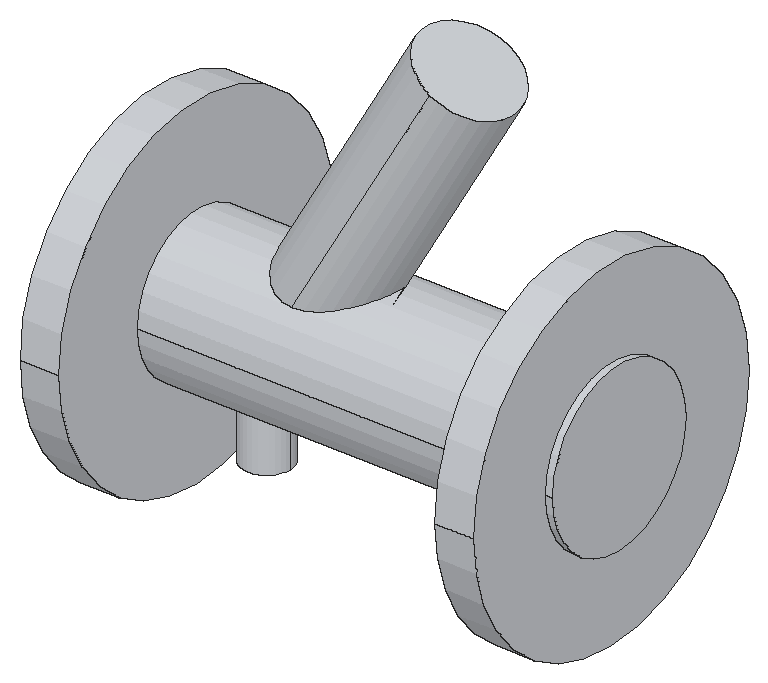
Revit family "HS 821-síto_standard-PN25-DN015-RFA_2018", category Pipe Accessories, Revit 2018
Family settings
  Round Connector Dimension = Use Diameter
  Part Type = Breaks Into
  Work Plane-Based = No
  Always vertical = Yes
  Cut with Voids When Loaded = No
  Shared = No
Parameters (values of type "821D-DN015-PN25-síto_standard")
  magiProductId = "27ddcbf555414f8ca1fde329bf9087"
  magiProductFamilyId = "79214ac3aaa945e397802f559f5c1e"
  magiPartTypeId = 307
  isMeasuringValve [instance] = no
  ang2D [instance] = 0.00°
  ZB__ve = -ZB  # -16.25 mm
  ZB1 = 18.63 mm
  ZB = 16.25 mm
  X2 = 46.982 mm
  X1 = 18.2 mm
  W2D = 15 mm
  VersionID = "2.0/2017.9.26.1/ZETKAMA_821_001"
  Use Minimum Symbol Size [instance] = yes
  URL = "www.hydronic.cz"
  Type Comments = "Filtr přírubový; síto standardní; A-PN16 (-10~300°C); D-PN25 (-10~350°C); F-PN40 (-10~400°C)"
  S = 46 mm
  QmdConnectorList = "301;D;302;D"
  Productdata [instance] = ""
  Manufacturer = "Hydronic Systems Prague s.r.o."
  MC Product Code = "200 215 (821D; DN015; PN25; kvs6,3; oko síta 1,00mm)"
  LM1 = 10.4 mm
  LM = 104 mm
  L4 = 32.5 mm
  L2D_Min = 3048 mm
  L2D = 130 mm
  L2 = 65 mm
  HH2 = 81.375 mm
  FD = 95 mm
  Description = "Filtr přírubový; síto standardní; 821A-PN16; 821D-PN25; 821F-PN40"
  DM1 = 27.6 mm
  DM = 41.4 mm
  D = 15 mm
  CC = 2.21 mm
  CAT0 = yes
  C1 = 10.79 mm
  C = 13 mm
  BD = 13.041 mm
Types (40, lengths in mm): name | magiProductId | ZB__ve | ZB1 | ZB | X2 | X1 | S | MC Product Code | LM1 | LM | L4 | L2 | HH2 | FD | DM1 | DM | D | CC | C1 | C | BD
  821A-DN015-PN16-síto_standard | "a71bcfe8b393460598b23e8ddf7dc5" | -16.25 | 18.63 | 16.25 | 46.982 | 18.2 | 46 | "200 115 (821A; DN015; PN16; kvs6,3; oko síta 1,00mm)" | 10.4 | 104 | 32.5 | 65 | 81.375 | 95 | 27.6 | 41.4 | 15 | 2.21 | 10.79 | 13 | 13.041
  821A-DN020-PN16-síto_standard | "41cd6c7a12924f4991217528336076" | -17.75 | 22.68 | 17.75 | 51.673 | 21 | 56 | "200 120 (821A; DN020; PN16; kvs11,2; oko síta 1,00mm)" | 12 | 120 | 37.5 | 75 | 89.5 | 105 | 33.6 | 50.4 | 20 | 2.55 | 12.45 | 15 | 15.876
  821A-DN025-PN16-síto_standard | "be378b463ed14c3abf4c9b3ae8cf3a" | -19.25 | 26.325 | 19.25 | 58.601 | 22.4 | 65 | "200 125 (821A; DN025; PN16; kvs14,7; oko síta 1,00mm)" | 12.8 | 128 | 40 | 80 | 101.5 | 115 | 43.2 | 58.5 | 25 | 2.72 | 13.28 | 16 | 18.427
  821A-DN032-PN16-síto_standard | "227a0d18b21540afabe8b6067d35fa" | -23 | 30.78 | 23 | 68.849 | 25.2 | 76 | "200 132 (821A; DN032; PN16; kvs23,7; oko síta 1,00mm)" | 14.4 | 144 | 45 | 90 | 119.25 | 140 | 50.4 | 68.4 | 32 | 3.06 | 14.94 | 18 | 21.546
  821A-DN040-PN16-síto_standard | "d106917c74724141a10440112d0102" | -24.5 | 34.02 | 24.5 | 75.777 | 28 | 84 | "200 140 (821A; DN040; PN16; kvs37,7; oko síta 1,00mm)" | 16 | 160 | 50 | 100 | 131.25 | 150 | 60 | 75.6 | 40 | 3.4 | 16.6 | 20 | 23.814
  821A-DN050-PN16-síto_standard | "8255d456a09e4f6486734f5dd9171b" | -26.75 | 40.095 | 26.75 | 79.061 | 32.2 | 99 | "200 150 (821A; DN050 PN16; kvs57,9; oko síta 1,00mm)" | 18.4 | 184 | 57.5 | 115 | 136.938 | 165 | 73.8 | 89.1 | 50 | 3.91 | 19.09 | 23 | 28.066
  821A-DN065-PN16-síto_standard | "235b1b3e4c0843779a4d5e3716d40a" | -29.75 | 47.79 | 29.75 | 86.927 | 40.6 | 118 | "200 165 (821A; DN065; PN16; kvs101,5; oko síta 1,25mm)" | 23.2 | 232 | 72.5 | 145 | 150.562 | 185 | 94.2 | 106.2 | 65 | 4.93 | 24.07 | 29 | 33.453
  821A-DN080-PN16-síto_standard | "a067f7c5236348ed8c820d16df7214" | -32 | 53.46 | 32 | 104.753 | 43.4 | 132 | "200 180 (821A; DN080; PN16; kvs147,4; oko síta 1,25mm)" | 24.8 | 248 | 77.5 | 155 | 181.438 | 200 | 107.4 | 118.8 | 80 | 5.27 | 25.73 | 31 | 37.422
  821A-DN100-PN16-síto_standard | "c49a648c2747461285837d643703cd" | -35 | 63.18 | 35 | 114.857 | 49 | 156 | "200 190 (821A; DN100; PN16; kvs209,6; oko síta 1,60mm)" | 28 | 280 | 87.5 | 175 | 198.937 | 220 | 131.4 | 140.4 | 100 | 5.95 | 29.05 | 35 | 44.226
  821A-DN125-PN16-síto_standard | "bf68e728a163493cbd2a663b26ebdc" | -39.5 | 74.52 | 39.5 | 131.888 | 56 | 184 | "200 191 (821A; DN125; PN16; kvs326,2; oko síta 1,60mm)" | 32 | 320 | 100 | 200 | 228.438 | 250 | 165 | 165.6 | 125 | 6.8 | 33.2 | 40 | 52.164
  821A-DN150-PN16-síto_standard | "2de770284b654863ae6bc865769dc5" | -44.75 | 85.455 | 44.75 | 155.885 | 67.2 | 211 | "200 192 (821A; DN150; PN16; kvs403; oko síta 1,60mm)" | 38.4 | 384 | 120 | 240 | 270 | 285 | 192 | 189.9 | 150 | 8.16 | 39.84 | 48 | 59.818
  821A-DN200-PN16-síto_standard | "8e5693371ab64aabb29a7f08c76e15" | -53 | 107.73 | 53 | 188.361 | 84 | 266 | "200 193 (821A; DN200; PN16; kvs707; oko síta 1,60mm)" | 48 | 480 | 150 | 300 | 326.25 | 340 | 252 | 239.4 | 200 | 10.2 | 49.8 | 60 | 75.411
  821A-DN250-PN16-síto_standard | "05e37ed948c34047acdd4c42556504" | -62.75 | 129.195 | 62.75 | 255.911 | 102.2 | 319 | "200 194 (821A; DN250; PN16; kvs1234; oko síta 1,60mm)" | 58.4 | 584 | 182.5 | 365 | 443.25 | 405 | 309.6 | 287.1 | 250 | 12.41 | 60.59 | 73 | 90.436
  821A-DN300-PN16-síto_standard | "9ad0af747269428da925480d83ce80" | -71 | 149.85 | 71 | 325.914 | 119 | 370 | "200 195 (821A; DN300; PN16; kvs1916; oko síta 1,60mm)" | 68 | 680 | 212.5 | 425 | 564.5 | 460 | 369.6 | 333 | 300 | 14.45 | 70.55 | 85 | 104.895
  821A-DN350-PN16-síto_standard | "eebc71459bb3451bb4355e7951370a" | -80 | 173.745 | 80 | 356.875 | 137.2 | 429 | "200 196 (821A; DN350; PN16; kvs2621; oko síta 1,60mm)" | 78.4 | 784 | 245 | 490 | 618.125 | 520 | 438 | 386.1 | 350 | 16.66 | 81.34 | 98 | 121.621
  821A-DN400-PN16-síto_standard | "d2f677cb196647e385b2590e7d8abe" | -89 | 194.4 | 89 | 392.237 | 154 | 480 | "200 197 (821A; DN400; PN16; kvs3460; oko síta 1,60mm)" | 88 | 880 | 275 | 550 | 679.375 | 580 | 498 | 432 | 400 | 18.7 | 91.3 | 110 | 136.08
  821D-DN015-PN25-síto_standard | "27ddcbf555414f8ca1fde329bf9087" | -16.25 | 18.63 | 16.25 | 46.982 | 18.2 | 46 | "200 215 (821D; DN015; PN25; kvs6,3; oko síta 1,00mm)" | 10.4 | 104 | 32.5 | 65 | 81.375 | 95 | 27.6 | 41.4 | 15 | 2.21 | 10.79 | 13 | 13.041
  821D-DN020-PN25-síto_standard | "270e0f14012f47189cd0235c18faee" | -17.75 | 22.68 | 17.75 | 51.673 | 21 | 56 | "200 220 (821D; DN020; PN25; kvs11,2; oko síta 1,00mm)" | 12 | 120 | 37.5 | 75 | 89.5 | 105 | 33.6 | 50.4 | 20 | 2.55 | 12.45 | 15 | 15.876
  821D-DN025-PN25-síto_standard | "b9a7fb4aa36643878c637d8e1ab992" | -19.25 | 26.325 | 19.25 | 58.601 | 22.4 | 65 | "200 225 (821D; DN025; PN25; kvs14,7; oko síta 1,00mm)" | 12.8 | 128 | 40 | 80 | 101.5 | 115 | 43.2 | 58.5 | 25 | 2.72 | 13.28 | 16 | 18.427
  821D-DN032-PN25-síto_standard | "6be9a55c4e68400f94eec7e804204c" | -23 | 30.78 | 23 | 68.849 | 25.2 | 76 | "200 232 (821D; DN032; PN25; kvs23,7; oko síta 1,00mm)" | 14.4 | 144 | 45 | 90 | 119.25 | 140 | 50.4 | 68.4 | 32 | 3.06 | 14.94 | 18 | 21.546
  821D-DN040-PN25-síto_standard | "c54511bd7f584ec2984291479612cb" | -24.5 | 34.02 | 24.5 | 75.777 | 28 | 84 | "200 240 (821D; DN040; PN25; kvs37,7; oko síta 1,00mm)" | 16 | 160 | 50 | 100 | 131.25 | 150 | 60 | 75.6 | 40 | 3.4 | 16.6 | 20 | 23.814
  821D-DN050-PN25-síto_standard | "5483b1f596b04cd39b23a14a22c90e" | -26.75 | 40.095 | 26.75 | 79.061 | 32.2 | 99 | "200 250 (821D; DN050; PN25; kvs57,9; oko síta 1,00mm)" | 18.4 | 184 | 57.5 | 115 | 136.938 | 165 | 73.8 | 89.1 | 50 | 3.91 | 19.09 | 23 | 28.066
  821D-DN065-PN25-síto_standard | "767b0f8318e94750bc7a9930ed5b30" | -29.75 | 47.79 | 29.75 | 86.927 | 40.6 | 118 | "200 265 (821D; DN065; PN25; kvs101,5; oko síta 1,25mm)" | 23.2 | 232 | 72.5 | 145 | 150.562 | 185 | 94.2 | 106.2 | 65 | 4.93 | 24.07 | 29 | 33.453
  821D-DN080-PN25-síto_standard | "e21040fa3cc2404b858198f6b73709" | -32 | 53.46 | 32 | 104.753 | 43.4 | 132 | "200 280 (821D; DN080; PN25; kvs147,4; oko síta 1,25mm)" | 24.8 | 248 | 77.5 | 155 | 181.438 | 200 | 107.4 | 118.8 | 80 | 5.27 | 25.73 | 31 | 37.422
  821D-DN100-PN25-síto_standard | "175ca87a506b40b3bc6b82f12f33cf" | -37.25 | 63.18 | 37.25 | 114.857 | 49 | 156 | "200 290 (821D; DN100; PN25; kvs209,6; oko síta 1,60mm)" | 28 | 280 | 87.5 | 175 | 198.937 | 235 | 131.4 | 140.4 | 100 | 5.95 | 29.05 | 35 | 44.226
  821D-DN125-PN25-síto_standard | "77cc98d60da24855999a22dff726b2" | -42.5 | 74.52 | 42.5 | 131.888 | 56 | 184 | "200 291 (821D; DN125; PN25; kvs326,2; oko síta 1,60mm)" | 32 | 320 | 100 | 200 | 228.438 | 270 | 165 | 165.6 | 125 | 6.8 | 33.2 | 40 | 52.164
  821D-DN150-PN25-síto_standard | "9cf8acfcd15547d68e83172d3abcbe" | -47 | 85.455 | 47 | 155.885 | 67.2 | 211 | "200 292 (821D; DN150; PN25; kvs403; oko síta 1,60mm)" | 38.4 | 384 | 120 | 240 | 270 | 300 | 192 | 189.9 | 150 | 8.16 | 39.84 | 48 | 59.818
  821D-DN200-PN25-síto_standard | "16973f3c9ea14389ba8602495a6b64" | -56 | 110.97 | 56 | 188.361 | 84 | 274 | "200 293 (821D; DN200; PN25; kvs707; oko síta 1,60mm)" | 48 | 480 | 150 | 300 | 326.25 | 360 | 252 | 246.6 | 200 | 10.2 | 49.8 | 60 | 77.679
  821F-DN015-PN40-síto_standard | "4c7eaf3c4c0340888b3e684d8a8616" | -16.25 | 18.225 | 16.25 | 46.982 | 18.2 | 45 | "240 615 (821F; DN015; PN40; kvs6,3; oko síta 1,00mm)" | 10.4 | 104 | 32.5 | 65 | 81.375 | 95 | 27.6 | 40.5 | 15 | 2.21 | 10.79 | 13 | 12.757
  821F-DN020-PN40-síto_standard | "aaac5f1ec96b44d6ba96ac2293d66d" | -17.75 | 23.49 | 17.75 | 51.673 | 21 | 58 | "240 620 (821F; DN020; PN40; kvs11,2; oko síta 1,00mm)" | 12 | 120 | 37.5 | 75 | 89.5 | 105 | 33.6 | 52.2 | 20 | 2.55 | 12.45 | 15 | 16.443
  821F-DN025-PN40-síto_standard | "504768023968471481789485b54c7e" | -19.25 | 27.54 | 19.25 | 58.601 | 22.4 | 68 | "240 625 (821F; DN025; PN40; kvs14,7; oko síta 1,00mm)" | 12.8 | 128 | 40 | 80 | 101.5 | 115 | 43.2 | 61.2 | 25 | 2.72 | 13.28 | 16 | 19.278
  821F-DN032-PN40-síto_standard | "165e7f39cf744f329bdf1c400dad12" | -23 | 31.59 | 23 | 68.849 | 25.2 | 78 | "240 632 (821F; DN032; PN40; kvs23,7; oko síta 1,00mm)" | 14.4 | 144 | 45 | 90 | 119.25 | 140 | 50.4 | 70.2 | 32 | 3.06 | 14.94 | 18 | 22.113
  821F-DN040-PN40-síto_standard | "b8903f952089408fbf3a5a632bab1f" | -24.5 | 35.64 | 24.5 | 75.777 | 28 | 88 | "240 640 (821F; DN040; PN40; kvs37,7; oko síta 1,00mm)" | 16 | 160 | 50 | 100 | 131.25 | 150 | 60 | 79.2 | 40 | 3.4 | 16.6 | 20 | 24.948
  821F-DN050-PN40-síto_standard | "c451f97266fe48da8f879cb6a2bd44" | -26.75 | 41.31 | 26.75 | 79.061 | 32.2 | 102 | "240 650 (821F; DN050; PN40; kvs57,9; oko síta 1,00mm)" | 18.4 | 184 | 57.5 | 115 | 136.938 | 165 | 73.8 | 91.8 | 50 | 3.91 | 19.09 | 23 | 28.917
  821F-DN065-PN40-síto_standard | "dc9821e3f9b34e128f6a8c6b34c198" | -29.75 | 49.41 | 29.75 | 86.927 | 40.6 | 122 | "240 665 (821F; DN065; PN40; kvs101,5; oko síta 1,25mm)" | 23.2 | 232 | 72.5 | 145 | 150.562 | 185 | 94.2 | 109.8 | 65 | 4.93 | 24.07 | 29 | 34.587
  821F-DN080-PN40-síto_standard | "689aa1e260f84cf4994f027a1d86b5" | -32 | 55.89 | 32 | 104.753 | 43.4 | 138 | "240 680 (821F; DN080; PN40; kvs147,4; oko síta 1,25mm)" | 24.8 | 248 | 77.5 | 155 | 181.438 | 200 | 107.4 | 124.2 | 80 | 5.27 | 25.73 | 31 | 39.123
  821F-DN100-PN40-síto_standard | "8a45d4e8e2ab425f8c432f21d684f3" | -37.25 | 65.61 | 37.25 | 114.857 | 49 | 162 | "240 690 (821F; DN100; PN40; kvs209,6; oko síta 1,6mm)" | 28 | 280 | 87.5 | 175 | 198.937 | 235 | 131.4 | 145.8 | 100 | 5.95 | 29.05 | 35 | 45.927
  821F-DN125-PN40-síto_standard | "cf073904c006406b8645afa67ea2fc" | -42.5 | 76.14 | 42.5 | 131.888 | 56 | 188 | "240 691 (821F; DN125; PN40; kvs326,2; oko síta 1,6mm)" | 32 | 320 | 100 | 200 | 228.438 | 270 | 165 | 169.2 | 125 | 6.8 | 33.2 | 40 | 53.298
  821F-DN150-PN40-síto_standard | "0153b9ddabe14992a630484929fdbc" | -47 | 88.29 | 47 | 155.885 | 67.2 | 218 | "240 692 (821F; DN150; PN40; kvs403; oko síta 1,6mm)" | 38.4 | 384 | 120 | 240 | 270 | 300 | 192 | 196.2 | 150 | 8.16 | 39.84 | 48 | 61.803
  821F-DN200-PN40-síto_standard | "7fb3fc01dd8d42428c203e3f8dd4d5" | -56 | 115.425 | 56 | 188.361 | 84 | 285 | "240 693 (821F; DN200; PN40; kvs707; oko síta 1,6mm)" | 48 | 480 | 150 | 300 | 326.25 | 360 | 252 | 256.5 | 200 | 10.2 | 49.8 | 60 | 80.797
Reference planes
  plane 1 "Center (Front/Back)": y = 0
  plane 2 "XYPLANE": z = 0
  plane 3 "Center (Left/Right)": x = 0
  plane 4 "109": x = -41.6
  plane 5 "108": x = 52
  plane 6 "107": x = -52
  plane 7 "105": x = 65
  plane 8 "104": x = -65
  plane 9 "103": y = 0
  plane 10 "102": z = 0
  plane 11 "101": x = -62.79
  plane 12 "100": x = 62.79
  plane 13 "11": x = -23.4
  plane 14 "10": z = 81.375
  plane 15 "9": x = 23.582
  plane 16 "5": z = -18.63
  plane 17 "4": x = -32.5
  plane 18 "1": x = 32.5
Forms (mm)
  Extrusion 1, solid, visible <- "CAT0"
    sketch origin (-52, -750, 0) x (0, 1, 0) y (0, 0, 1)
      loop
        circle (750, 0) r 20.7
    from 0 to 104 <- "LM"
  Extrusion 2, solid
    sketch origin (-65, -750, 0) x (0, 1, 0) y (0, 0, 1)
      loop
        circle (750, 0) r 23
    from 0 to 2.21 <- "CC"
  Extrusion 3, solid
    sketch origin (-62.79, -750, 0) x (0, 1, 0) y (0, 0, 1)
      loop
        circle (750, 0) r 47.5
    from 0 to 10.79 <- "C1"
  Extrusion 4, solid
    sketch origin (52, -750, 0) x (0, 1, 0) y (0, 0, 1)
      loop
        circle (750, 0) r 47.5
    from 0 to 10.79 <- "C1"
  Extrusion 5, solid
    sketch origin (62.79, -750, 0) x (0, 1, 0) y (0, 0, 1)
      loop
        circle (750, 0) r 23
    from 0 to 2.21 <- "CC"
  Sweep 6, solid, visible <- "CAT0"
    path origin (750, 0, 0) x (-1, 0, 0) y (0, 0, 1)
      loop
        line (802, 0) -> (773.4, 0) -> (726.418, 81.375)
    profile origin (-52, 0, 0) x (0, 0, -1) y (0, 1, 0)
      loop
        circle (0, 0) r 13.8
  Extrusion 7, solid, visible <- "CAT0"
    sketch origin (-750, 0, -18.63) x (1, 0, 0) y (0, 1, 0)
      loop
        circle (717.5, 0) r 6.52
    from 0 to -16.25 <- "ZB__ve"
  Extrusion 8, solid, visible <- "CAT0"
    sketch origin (-750, 0, -18.63) x (1, 0, 0) y (0, 1, 0)
      loop
        circle (782.5, 0) r 6.52
    from 0 to -16.25 <- "ZB__ve"
  Extrusion 9, solid, not visible
    sketch origin (65, -750, 0) x (0, 1, 0) y (0, 0, 1)
      loop
        circle (750, 0) r 10
    from 0 to -10
  Extrusion 10, solid, not visible
    sketch origin (-65, -750, 0) x (0, 1, 0) y (0, 0, 1)
      loop
        circle (750, 0) r 10
    from 0 to 10
Lines and regions (mm)
  reference lines, not visible
    curve 1: circle (2, 2, 0) r 1 normal (0, 0, 1)
Dimensions and locks
  plane 1 "Center (Front/Back)" to curve 1 = 2 mm
  "LM1": plane 6 "107" to plane 4 "109"
  "LM": plane 6 "107" to plane 5 "108"
  "C": plane 8 "104" to plane 6 "107"
  "L2": plane 3 "Center (Left/Right)" to plane 7 "105"
  "L2": plane 3 "Center (Left/Right)" to plane 8 "104"
  locked: plane 1 "Center (Front/Back)" to plane 9 "103"
  locked: plane 2 "XYPLANE" to plane 10 "102"
  "CC": plane 8 "104" to plane 11 "101"
  "C1": plane 5 "108" to plane 12 "100"
  "X1": plane 4 "109" to plane 13 "11"
  "HH2": plane 2 "XYPLANE" to plane 14 "10"
  "X2": plane 13 "11" to plane 15 "9"
  "ZB1": plane 2 "XYPLANE" to plane 16 "5"
  "L4": plane 8 "104" to plane 17 "4"
  "L2": plane 17 "4" to plane 18 "1"
  Sweep 6 sketch curve to Sweep 6 sketch curve = 0 mm  (x2)
  "DM": diameter of Extrusion 1 sketch curve
  "S": diameter of Extrusion 2 sketch curve
  "FD": diameter of Extrusion 3 sketch curve
  "FD": diameter of Extrusion 4 sketch curve
  "S": diameter of Extrusion 5 sketch curve
  "DM1": diameter of Sweep 6 sketch curve
  "BD": diameter of Extrusion 7 sketch curve
  "BD": diameter of Extrusion 8 sketch curve
  aligned and locked: level to plane 2 "XYPLANE"
  aligned and locked: Extrusion 1 sketch curve to plane 9 "103"
  aligned and locked: plane 10 "102" to Extrusion 1 sketch curve
  aligned and locked: Extrusion 2 sketch curve to plane 9 "103"
  aligned and locked: plane 10 "102" to Extrusion 2 sketch curve
  aligned and locked: Extrusion 3 sketch curve to plane 9 "103"
  aligned and locked: plane 10 "102" to Extrusion 3 sketch curve
  aligned and locked: Extrusion 4 sketch curve to plane 9 "103"
  aligned and locked: plane 10 "102" to Extrusion 4 sketch curve
  aligned and locked: Extrusion 5 sketch curve to plane 9 "103"
  aligned and locked: plane 10 "102" to Extrusion 5 sketch curve
  aligned and locked: Sweep 6 sketch curve to plane 9 "103"
  aligned and locked: plane 10 "102" to Sweep 6 sketch curve  (x3)
  aligned and locked: plane 6 "107" to Sweep 6 sketch curve
  aligned and locked: plane 13 "11" to Sweep 6 sketch curve
  aligned and locked: plane 14 "10" to Sweep 6 sketch curve
  aligned and locked: plane 15 "9" to Sweep 6 sketch curve
  aligned and locked: plane 9 "103" to Extrusion 7 sketch curve
  aligned and locked: plane 17 "4" to Extrusion 7 sketch curve
  aligned and locked: plane 9 "103" to Extrusion 8 sketch curve
  aligned and locked: plane 18 "1" to Extrusion 8 sketch curve
  aligned and locked: Extrusion 9 sketch curve to plane 9 "103"
  aligned and locked: plane 10 "102" to Extrusion 9 sketch curve
  aligned and locked: Extrusion 10 sketch curve to plane 9 "103"
  aligned and locked: plane 10 "102" to Extrusion 10 sketch curve
Automatic sketch dimensions
  plane 1 "Center (Front/Back)" to Extrusion 9 sketch curve = 10 mm
  plane 1 "Center (Front/Back)" to Extrusion 10 sketch curve = 10 mm
  plane 3 "Center (Left/Right)" to curve 1 = 2 mm
  radius of curve 1 = 1 mm
Connectors
  piping at (-65, 0, 0), diameter 15, driven by "D"
    settings: on Extrusion 10, index 1, connector inside diameter 609.6 mm, connector length 0 mm, flow factor 0, pipe flow 0.0 L/s, pressure drop 0.0 Pa, fitting loss kfactor 0, connector angle 0.00°, fixture units 0, engagement length 0 mm, angle of deflection 0.00°, flow configuration 0, flow direction 0, fitting loss method 0, system type 29, joint type 0, gender type 0, connector reference index 2, connector utility 0, adjustable connector no, is connector primary yes, connector description ""
  piping at (65, 0, 0), diameter 15, driven by "D"
    settings: on Extrusion 9, index 2, connector inside diameter 609.6 mm, connector length 0 mm, flow factor 0, pipe flow 0.0 L/s, pressure drop 0.0 Pa, fitting loss kfactor 0, connector angle 0.00°, fixture units 0, engagement length 0 mm, angle of deflection 0.00°, flow configuration 0, flow direction 0, fitting loss method 0, system type 29, joint type 0, gender type 0, connector reference index 1, connector utility 0, adjustable connector no, is connector primary no, connector description ""
